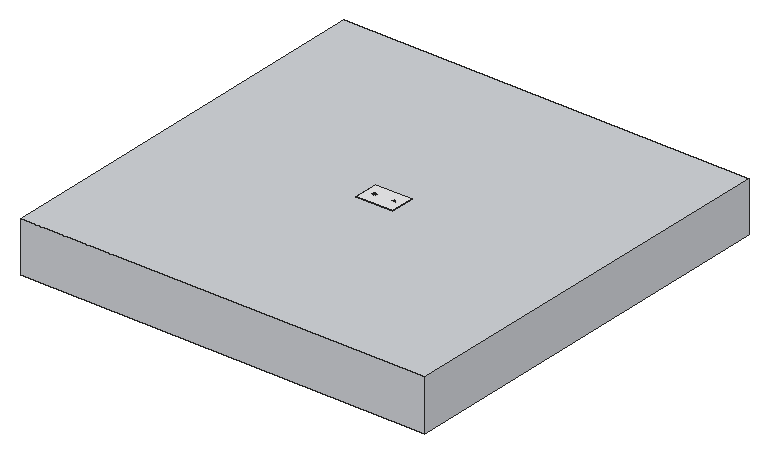
Revit family "IS_Symfo_R0129_BIM_DE", category Plumbing Fixtures, host Face, Revit 2017
Family settings
  Host = Face
  Round Connector Dimension = Use Diameter
  Part Type = Normal
  OmniClass Number = 23.45.05.21.11.11
  OmniClass Title = Water Operated Water Closets
  Cut with Voids When Loaded = No
  Shared = Yes
  Room Calculation Point = No
Parameters (values of type "R0129SA - SYMFO NT1  WHITE - ISI")
  Wisselstukken = "n/a"
  Werkdruk = "n/a"
  WaterEfficientProduct = no
  WaarborgGarantieInstallatie = "n/a"
  WRAS = no
  WFU = 0
  Vorm = "n/a"
  Volumeunits = "Litres"
  Verwachtelevensduur = "5"
  Vervangingskosten = 0
  Versie = "1"
  ValutaEenheid = "n/a"
  Urlproducent = "https://www.idealstandard.de/de/products"
  UrinoirType = "n/a"
  Uniclass2015Referentie = "Pr_40_20_93"
  Uniclass2015Reference = "n/a"
  Uniclass2015Description = "Urinal and WC fittings"
  Uniclass2015Beschrijving = "n/a"
  Uniclass2 = "Pr_40_20_93_89"
  URL = "https://www.idealstandard.de/de/products"
  Typewastafel = "n/a"
  TypespoelingWC = "n/a"
  Typekraanwerk = "n/a"
  Typeconnectie = "n/a"
  Typebad = "n/a"
  TypeWC = "n/a"
  Type Comments = "n/a"
  Toepassing = ""
  Testdruk = "n/a"
  Telefoonnummer = "+49 (0) 6571 16 0"
  Sluitingspatroon = "n/a"
  Revision = "n/a"
  Revisie = "n/a"
  Referentie = ""
  Productinformatie = "https://www.idealstandard.de/profibereich"
  ProductSoort = ""
  Overloop = 0 mm
  OppervlakteEenheid = "mm"
  OppervlakteAfmeting = "n/a"
  Ophangingwastafel = "n/a"
  Normen = "n/a"
  Nettogewicht = 0.7673
  NBSTypeID = "n/a"
  NBSReference = "45-30-70/387"
  NBSOfficeMasterTag = "n/a"
  NBSNote = "n/a"
  NBSDescription = "WC cistern fittings"
  NBSCertification = "n/a"
  Montageinstuctie = "https://www.idealstandard.de/profibereich"
  Model = "R0129SA"
  Merk = "Ideal Standard"
  MateriaalWC = "n/a"
  MateriaalUrinoir = "n/a"
  Materiaal = "Metal"
  Manufacturer = "Productinfo@thebluebook.co.uk"
  Lengte = 0 mm
  Kwaliteitsgraad = "n/a"
  Kleurwc = "n/a"
  KleurUrinoir = "n/a"
  Kleur = "White"
  Klepmechanisme = "n/a"
  Keynote = "n/a"
  Installatieinstructies = "https://www.idealstandard.de/profibereich"
  Hulp = "https://www.idealstandard.de/unternehmen"
  Hoogte = ""
  Heefthandvaten = no
  HWFU = 0
  GrootteAfvoergat = 0
  GemaaktOp = "n/a"
  Garantieunits = "Year"
  Garantieonderdelen = "n/a"
  GarantieduurInstallatie = "n/a"
  Functiekraanwerk = "n/a"
  Functieindoucheruimte = "n/a"
  Flush Plate Material = IS_Glass_White
  Eigenschappen = "n/a"
  ECA = no
  Duurzaamheid = "n/a"
  DuurEenheid = "year"
  Douchebak = no
  Doorstromingscoëfficiënt = "n/a"
  Distributeur = "n/a"
  DikteMateriaal = "n/a"
  Diepte = 0 mm
  Description = "New 6 Glass Sensor Square button plate, White - DF"
  Default Elevation = 900 mm
  Debiet = ""
  Cost = 0
  CWFU = 0
  BrutoGewicht = 0
  Breedte = 0
  BimObjectNaam = "IS_Ideal Standard_WC cistern fittings_Symfo_R0129SA"
  Bestanddelen = "n/a"
  Beschrijvinggarantie = "Manufacturers Warranty"
  Beschrijvingdouchekop = "n/a"
  BeschrijvingBovenkantKraan = "n/a"
  Bedieningkraanwerk = "n/a"
  Bedieningkraan = "n/a"
  Barrièrevrijwonen = "n/a"
  Barcode = "3391500580541"
  BREEAMApproved = no
  Auteur = "Ideal Standrad"
  Assembly Code = "C1030200"
  Artikelreferentie = "1"
  Artikelomschrijving = "Sensor-Betätigungsplatte NT1 SYMFO, Schwarz"
  Artikelnummer = "R0129SA"
  Afwerking = "White"
  AfstandsEenheid = "millimeters"
  AfsluitNiveau = "n/a"
  Afmetingen = "220 x 4 x 150mm"
  AccessibilityPerformance = "n/a"
  Accesoires = ""
Types (2, lengths in mm): name | Model | Kleur | Flush Plate Material | Description | Default Elevation | BimObjectNaam | Barcode | Artikelomschrijving | Artikelnummer | Afwerking
  R0129SA - SYMFO NT1  WHITE - ISI | "R0129SA" | "White" | IS_Glass_White | "New 6 Glass Sensor Square button plate, White - DF" | 900 | "IS_Ideal Standard_WC cistern fittings_Symfo_R0129SA" | "3391500580541" | "Sensor-Betätigungsplatte NT1 SYMFO, Schwarz" | "R0129SA" | "White"
  R0129RX - SYMFO NT1  BLACK - ISI | "R0129RX" | "Black" | IS_Glass_Black | "New 6 Glass Sensor Square button plate, black - DF" | 0 | "IS_Ideal Standard_WC cistern fittings_Symfo_R0129RX" | "3391500580534" | "Halbrahmen PROSYS" | "R0129RX" | "Black"
Reference planes
  plane 1 "Center (Front/Back)": y = 0
  plane 2: z = 0
  plane 3 "Center (Left/Right)": x = 0
  plane 4: y = 0
  plane 5: z = 0
Forms (mm)
  Extrusion 1, solid
    sketch origin (0, 0, 0) x (1, 0, 0) y (0, 1, 0)
      loop
        line (-1219.2, 1219.2) -> (-1219.2, -1219.2) -> (1219.2, -1219.2) -> (1219.2, 1219.2) -> (-1219.2, 1219.2)
    from 0 to -304.8
  Extrusion 2, solid, material "IS_Glass_White" <- "Flush Plate Material", detail levels medium+fine
    sketch origin (-121.611, 0, -30.48) x (0, -1, 0) y (0, 0, 1)
      loop
        line (-75, 30.48) -> (75, 30.48) -> (75, 34.48) -> (-75, 34.48) -> (-75, 30.48)
    from -11.611 to -231.611
  Extrusion 3, solid, material "IS_Glass_White" <- "Flush Plate Material", detail levels coarse
    sketch origin (120.486, 0, -30.48) x (0, -1, 0) y (0, 0, 1)
      loop
        line (-75, 30.48) -> (75, 30.48) -> (75, 34.48) -> (-75, 34.48) -> (-75, 30.48)
    from 10.486 to 230.486
  Extrusion 4, void
    sketch origin (0, 0, 0) x (1, 0, 0) y (0, 1, 0)
      loop
        line (-45.497, 5.736) -> (-67.505, 5.736)
        arc (-67.505, 5.736) -> (-68.249, 4.991) -> (-67.505, 4.247) r 0.744
        line (-67.505, 4.247) -> (-45.497, 4.247)
        arc (-45.497, 4.247) -> (-44.753, 4.991) -> (-45.497, 5.736) r 0.744
      loop
        line (-45.497, -4.241) -> (-67.505, -4.241)
        arc (-67.505, -4.241) -> (-68.249, -4.985) -> (-67.505, -5.73) r 0.744
        line (-67.505, -5.73) -> (-45.497, -5.73)
        arc (-45.497, -5.73) -> (-44.753, -4.985) -> (-45.497, -4.241) r 0.744
      loop
        line (-45.497, 0.744) -> (-67.505, 0.744)
        arc (-67.505, 0.744) -> (-68.249, 0) -> (-67.505, -0.744) r 0.744
        line (-67.505, -0.744) -> (-45.497, -0.744)
        arc (-45.497, -0.744) -> (-44.753, 0) -> (-45.497, 0.744) r 0.744
      loop
        line (67.473, 0.744) -> (45.466, 0.744)
        arc (45.466, 0.744) -> (44.721, 0) -> (45.466, -0.744) r 0.744
        line (45.466, -0.744) -> (67.473, -0.744)
        arc (67.473, -0.744) -> (68.218, 0) -> (67.473, 0.744) r 0.744
    from 3.373 to 4
  Extrusion 5, solid, material "IS_Light_Source", detail levels medium+fine
    sketch origin (0, 0, 0) x (1, 0, 0) y (0, 1, 0)
      loop
        arc (-67.505, 5.736) -> (-68.249, 4.991) -> (-67.505, 4.247) r 0.744
        line (-67.505, 4.247) -> (-45.497, 4.247)
        arc (-45.497, 4.247) -> (-44.753, 4.991) -> (-45.497, 5.736) r 0.744
        line (-45.497, 5.736) -> (-67.505, 5.736)
      loop
        line (-45.497, 0.744) -> (-67.505, 0.744)
        arc (-67.505, 0.744) -> (-68.249, 0) -> (-67.505, -0.744) r 0.744
        line (-67.505, -0.744) -> (-45.497, -0.744)
        arc (-45.497, -0.744) -> (-44.753, 0) -> (-45.497, 0.744) r 0.744
      loop
        line (-45.497, -4.241) -> (-67.505, -4.241)
        arc (-67.505, -4.241) -> (-68.249, -4.985) -> (-67.505, -5.73) r 0.744
        line (-67.505, -5.73) -> (-45.497, -5.73)
        arc (-45.497, -5.73) -> (-44.753, -4.985) -> (-45.497, -4.241) r 0.744
      loop
        line (67.473, 0.744) -> (45.466, 0.744)
        arc (45.466, 0.744) -> (44.721, 0) -> (45.466, -0.744) r 0.744
        line (45.466, -0.744) -> (67.473, -0.744)
        arc (67.473, -0.744) -> (68.218, 0) -> (67.473, 0.744) r 0.744
    from 3.373 to 4
Cuts and joins
  Extrusion 4 cuts Extrusion 2
Dimensions and locks
  Extrusion 3 to Extrusion 1 = 4 mm
  Extrusion 3 to Extrusion 3 = 220 mm
  Extrusion 3 to Extrusion 3 = 150 mm
  aligned and locked: plane 2 to Extrusion 1
  aligned and locked: level to Extrusion 1
